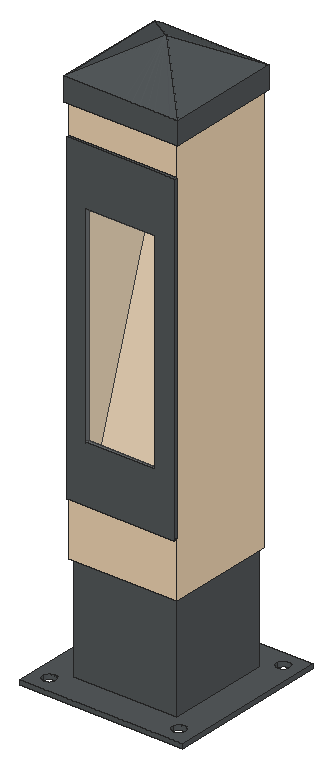
Revit family "Баум", category Осветительные приборы, Revit 2019
Family settings
  Размер круглого соединителя = Использовать диаметр
  Тип детали = Нормальный
  На основе рабочей плоскости = Нет
  Всегда вертикально = Да
  При загрузке вырезать с полостями = Нет
  Источник света = Да
  Общий = Нет
  Точка расчета площади = Нет
Parameters (values of type "ДТУ961 Светодиодный светильник Баум ДТУ-96-AF-4Вт-0,6")
  built-in parameter 1150104 = 13.8 (stored number, unit not read)
  Цветоывая температура = size_lookup(Таблица выбора, "С", "", ADSK_Артикул, ADSK_Размер_Высота)  # "2700-5500"
  built-in parameter 1150134 = 3
  Файл фотометрической сетки = "DTU-96-AF Baum 4 W .ies"
  Угол наклона = 90.00°
  Тип продукции = size_lookup(Таблица выбора, "T", " ", ADSK_Артикул, ADSK_Размер_Высота)  # "LED-светильник"
  Тип ПРА = "-"
  Тип КСС = size_lookup(Таблица выбора, "KSS", " ", ADSK_Артикул, ADSK_Размер_Высота)  # "Специальная"
  Тип ИС = size_lookup(Таблица выбора, "IS", " ", ADSK_Артикул, ADSK_Размер_Высота)  # "LED-модуль"
  Температура эксплуатации = size_lookup(Таблица выбора, "T1", " ", ADSK_Артикул, ADSK_Размер_Высота)  # "-40 +50"
  Таблица выбора = "Таблица параметров светильников"
  Столб = Ясень
  Стекло = Стекло
  built-in parameter 1150137 = (empty or 0)
  built-in parameter 1150132 = 2
  built-in parameter 1150114 = 1 (stored number, unit not read)
  Dimming Lamp Color Temperature Shift = (empty or 0)
  built-in parameter 1150105 = 31.831 (stored number, unit not read)
  Color Filter = 16777215
  Lumens = 400 lm
  built-in parameter 1150109 = 1 (stored number, unit not read)
  built-in parameter 1150112 = 1 (stored number, unit not read)
  built-in parameter 1150110 = 1 (stored number, unit not read)
  built-in parameter 1150113 = 1 (stored number, unit not read)
  built-in parameter 1150115 = 1 (stored number, unit not read)
  built-in parameter 1114218 = 1 (stored number, unit not read)
  built-in parameter 1114217 = 1 (stored number, unit not read)
  Apparent Load = 0 VA
  built-in parameter 1150106 = 0.31831 (stored number, unit not read)
  Область использования = "Парки, скверы, общественные пространства, городская инфраструктура"  # constant formula
  built-in parameter 1150142 = "IESNA:LM-63-1995\r\n[TEST]\t\talf\r\n[MANUFAC]\tAlfresco\r\n[LUMCAT]\tDTU-96-AF Baum\r\n[LUMINAIRE]\tDTU-96-AF Baum 4 W\r\n[LAMP]\t\tLED\r\n[DATE]\t\tLDT Editor version 1.2.5.0 - DIAL GmbH (www.dial.de) on 13-05-2022\r\n[OTHER]\t\tEULUMDAT file: E:\\Revit\\1-я партия\\Ies\\Баум\\DTU-96-AF Baum 4 W .ldt\r\nTILT=NONE\r\n1 400.0 0.400 181 144 1 2 0.20 0.23 0.00\r\n1.0 1 4.0\r\n0.0 1.0 2.0 3.0 4.0 5.0 6.0 7.0 8.0 9.0 10.0 11.0 12.0 13.0 14.0 15.0 16.0 17.0 18.0 19.0 20.0 21.0 22.0 23.0 24.0 25.0 26.0 27.0\r\n 28.0 29.0 30.0 31.0 32.0 33.0 34.0 35.0 36.0 37.0 38.0 39.0 40.0 41.0 42.0 43.0 44.0 45.0 46.0 47.0 48.0 49.0 50.0 51.0 52.0 53.0\r\n 54.0 55.0 56.0 57.0 58.0 59.0 60.0 61.0 62.0 63.0 64.0 65.0 66.0 67.0 68.0 69.0 70.0 71.0 72.0 73.0 74.0 75.0 76.0 77.0 78.0 79.0\r\n 80.0 81.0 82.0 83.0 84.0 85.0 86.0 87.0 88.0 89.0 90.0 91.0 92.0 93.0 94.0 95.0 96.0 97.0 98.0 99.0 100.0 101.0 102.0 103.0 104.0\r\n 105.0 106.0 107.0 108.0 109.0 110.0 111.0 112.0 113.0 114.0 115.0 116.0 117.0 118.0 119.0 120.0 121.0 122.0 123.0 124.0 125.0\r\n 126.0 127.0 128.0 129.0 130.0 131.0 132.0 133.0 134.0 135.0 136.0 137.0 138.0 139.0 140.0 141.0 142.0 143.0 144.0 145.0 146.0\r\n 147.0 148.0 149.0 150.0 151.0 152.0 153.0 154.0 155.0 156.0 157.0 158.0 159.0 160.0 161.0 162.0 163.0 164.0 165.0 166.0 167.0\r\n 168.0 169.0 170.0 171.0 172.0 173.0 174.0 175.0 176.0 177.0 178.0 179.0 180.0\r\n0.0 2.5 5.0 7.5 10.0 12.5 15.0 17.5 20.0 22.5 25.0 27.5 30.0 32.5 35.0 37.5 40.0 42.5 45.0 47.5 50.0 52.5 55.0 57.5 60.0 62.5 65.0\r\n 67.5 70.0 72.5 75.0 77.5 80.0 82.5 85.0 87.5 90.0 92.5 95.0 97.5 100.0 102.5 105.0 107.5 110.0 112.5 115.0 117.5 120.0 122.5\r\n 125.0 127.5 130.0 132.5 135.0 137.5 140.0 142.5 145.0 147.5 150.0 152.5 155.0 157.5 160.0 162.5 165.0 167.5 170.0 172.5 175.0\r\n 177.5 180.0 182.5 185.0 187.5 190.0 192.5 195.0 197.5 200.0 202.5 205.0 207.5 210.0 212.5 215.0 217.5 220.0 222.5 225.0 227.5\r\n 230.0 232.5 235.0 237.5 240.0 242.5 245.0 247.5 250.0 252.5 255.0 257.5 260.0 262.5 265.0 267.5 270.0 272.5 275.0 277.5 280.0\r\n 282.5 285.0 287.5 290.0 292.5 295.0 297.5 300.0 302.5 305.0 307.5 310.0 312.5 315.0 317.5 320.0 322.5 325.0 327.5 330.0 332.5\r\n 335.0 337.5 340.0 342.5 345.0 347.5 350.0 352.5 355.0 357.5 360.0\r\n0.0 0.0 0.6 0.4 0.6 0.4 0.4 0.4 0.6 0.7 0.6 1.1 77.4 214.9 313.3 393.1 474.8 586.5 677.7 827.7 954.3 978.1 983.5 986.0 987.5 989.0\r\n 991.5 992.3 993.4 990.1 989.3 993.0 987.0 987.5 987.3 980.7 984.0 984.0 983.7 980.3 981.1 980.9 974.7 966.0 961.3 951.7 940.3\r\n 937.0 932.1 932.3 925.1 911.5 879.2 838.3 782.3 731.3 688.4 657.9 632.2 603.0 567.4 549.3 530.7 497.9 469.1 454.6 434.2 402.5\r\n 366.9 346.5 325.6 308.3 268.5 244.4 206.4 182.8 163.9 131.8 100.8 62.0 28.3 4.0 0.7 0.6 0.6 0.6 0.6 0.6 0.6 0.6 0.6 0.6 0.6 0.6\r\n 0.6 0.6 0.6 0.6 0.6 0.6 0.6 0.6 0.6 0.6 0.6 0.6 0.6 0.6 0.6 0.6 0.6 0.6 0.6 0.6 0.7 0.6 0.6 0.6 0.6 0.6 0.6 0.6 0.6 0.6 0.6 0.6\r\n 0.6 0.6 0.6 0.6 0.6 0.6 0.7 0.6 0.6 0.6 0.6 0.6 0.6 0.6 0.6 0.6 0.6 0.7 0.6 0.7 0.6 0.6 0.7 0.7 0.6 0.6 0.6 0.6 0.7 0.7 0.7 0.6\r\n 0.7 0.6 0.7 0.6 0.6 0.6 0.6 0.6 0.6 0.6 0.6 0.6 0.6 0.4 0.2 0.2 0.2 0.2 0.2 0.2 0.0 0.0 0.0\r\n0.0 0.0 0.6 0.4 0.6 0.4 0.4 0.4 0.6 0.7 0.6 0.9 75.2 216.0 314.4 395.3 478.6 597.2 694.8 837.4 948.8 977.2 974.8 973.7 979.6 982.5\r\n 985.7 985.1 989.9 990.6 992.5 986.8 988.8 989.3 984.8 988.2 988.2 980.3 976.3 973.2 967.1 963.5 961.6 955.6 947.7 948.0 956.7\r\n 955.6 946.2 932.3 922.7 901.8 871.7 829.7 774.6 723.2 684.0 653.9 627.8 597.2 571.7 555.9 532.9 494.0 458.4 440.1 424.7 396.6\r\n 368.3 349.4 337.9 308.7 278.0 245.9 203.3 171.2 160.6 129.2 94.9 57.4 20.5 2.6 0.6 0.4 0.6 0.6 0.4 0.6 0.6 0.6 0.6 0.6 0.6 0.6\r\n 0.6 0.6 0.6 0.6 0.6 0.6 0.6 0.6 0.6 0.6 0.6 0.6 0.6 0.6 0.6 0.6 0.6 0.6 0.6 0.6 0.6 0.6 0.6 0.6 0.6 0.6 0.6 0.6 0.6 0.6 0.6 0.6\r\n 0.6 0.6 0.6 0.6 0.6 0.6 0.6 0.6 0.6 0.6 0.6 0.6 0.6 0.6 0.6 0.6 0.6 0.6 0.6 0.6 0.6 0.6 0.6 0.6 0.6 0.6 0.6 0.6 0.6 0.6 0.6 0.6\r\n 0.6 0.6 0.6 0.6 0.6 0.6 0.6 0.6 0.6 0.6 0.6 0.6 0.6 0.4 0.2 0.2 0.2 0.2 0.2 0.2 0.0 0.0 0.0\r\n0.0 0.0 0.6 0.4 0.6 0.4 0.4 0.4 0.6 0.7 0.6 0.9 68.1 214.0 314.4 390.9 470.5 580.7 682.5 820.5 950.4 973.2 967.9 972.6 976.3 978.9\r\n 981.3 987.9 986.8 986.8 989.3 985.5 990.3 988.6 984.9 984.2 983.1 981.8 975.8 969.7 964.6 958.7 952.5 953.9 957.0 947.5 934.5\r\n 926.0 916.8 912.1 901.4 889.9 869.1 834.3 783.1 723.8 683.8 649.8 622.3 591.1 559.2 544.5 524.7 485.4 459.2 443.0 427.4 408.0\r\n 375.1 355.1 333.1 306.5 265.4 235.4 198.6 179.5 160.9 133.6 99.7 61.7 25.1 3.7 0.6 0.6 0.6 0.6 0.6 0.6 0.6 0.6 0.6 0.6 0.6 0.6\r\n 0.6 0.6 0.6 0.6 0.6 0.6 0.6 0.6 0.6 0.6 0.6 0.6 0.6 0.6 0.6 0.6 0.6 0.6 0.6 0.6 0.6 0.6 0.6 0.6 0.6 0.6 0.6 0.6 0.6 0.6 0.6 0.6\r\n 0.6 0.6 0.6 0.6 0.6 0.6 0.6 0.4 0.6 0.4 0.6 0.6 0.6 0.6 0.6 0.6 0.6 0.6 0.6 0.6 0.6 0.6 0.6 0.6 0.6 0.6 0.6 0.6 0.6 0.6 0.6 0.6\r\n 0.6 0.6 0.6 0.6 0.6 0.6 0.6 0.6 0.6 0.6 0.6 0.6 0.6 0.4 0.2 0.2 0.2 0.2 0.2 0.2 0.0 0.0 0.0\r\n0.0 0.0 0.6 0.4 0.6 0.4 0.4 0.4 0.6 0.7 0.6 0.7 57.8 206.3 309.6 383.4 455.9 552.2 650.4 780.3 950.4 975.9 973.0 972.5 973.7 984.6\r\n 984.0 987.9 984.9 989.3 991.7 989.5 987.1 975.4 979.4 972.3 964.4 964.9 966.8 967.9 968.8 965.5 962.2 952.6 944.8 931.5 923.7\r\n 920.3 918.7 913.7 899.8 889.5 871.3 821.4 765.6 719.0 671.3 638.1 617.3 587.6 556.2 536.6 517.0 485.4 456.2 443.2 422.3 395.1\r\n 362.6 340.6 330.9 302.1 267.6 238.0 204.6 173.2 160.0 131.8 96.2 55.1 18.0 3.3 0.6 0.4 0.4 0.4 0.4 0.4 0.4 0.4 0.4 0.4 0.4 0.4\r\n 0.4 0.4 0.4 0.4 0.4 0.4 0.4 0.4 0.4 0.4 0.4 0.4 0.4 0.4 0.4 0.4 0.4 0.4 0.4 0.4 0.4 0.4 0.4 0.4 0.4 0.6 0.4 0.4 0.4 0.6 0.6 0.4\r\n 0.4 0.4 0.4 0.4 0.4 0.4 0.4 0.4 0.4 0.6 0.6 0.6 0.6 0.6 0.6 0.6 0.6 0.6 0.6 0.6 0.6 0.6 0.6 0.6 0.6 0.6 0.6 0.6 0.6 0.6 0.6 0.6\r\n 0.6 0.6 0.6 0.6 0.6 0.6 0.6 0.6 0.6 0.6 0.6 0.6 0.6 0.4 0.2 0.2 0.2 0.2 0.2 0.2 0.0 0.0 0.0\r\n0.0 0.0 0.6 0.4 0.6 0.4 0.4 0.4 0.6 0.7 0.6 0.7 45.5 195.3 300.2 378.6 447.2 534.8 631.7 756.3 934.8 975.2 983.8 978.1 980.9 978.0\r\n 979.1 980.5 975.8 983.5 980.9 980.9 979.4 985.1 978.5 976.3 971.7 971.7 965.9 955.8 951.4 942.5 934.3 926.2 920.0 918.3 917.8\r\n 914.5 907.1 904.4 903.8 893.2 866.2 836.3 787.1 728.6 684.7 652.6 628.7 591.5 561.2 547.6 528.0 500.6 462.8 436.8 426.3 401.5\r\n 367.4 343.7 327.2 306.3 273.1 241.1 207.2 180.9 158.0 132.3 96.2 65.3 26.1 4.6 0.6 0.4 0.4 0.4 0.4 0.4 0.4 0.4 0.4 0.4 0.4 0.4\r\n 0.4 0.4 0.4 0.4 0.4 0.4 0.4 0.4 0.4 0.4 0.4 0.4 0.4 0.4 0.4 0.4 0.4 0.4 0.4 0.4 0.4 0.4 0.4 0.4 0.4 0.4 0.4 0.4 0.4 0.4 0.4 0.4\r\n 0.4 0.4 0.4 0.4 0.4 0.4 0.4 0.4 0.4 0.4 0.4 0.4 0.4 0.6 0.6 0.6 0.6 0.6 0.6 0.4 0.6 0.6 0.6 0.6 0.6 0.6 0.6 0.4 0.6 0.6 0.6 0.6\r\n 0.6 0.6 0.6 0.6 0.6 0.6 0.6 0.6 0.6 0.6 0.6 0.6 0.6 0.4 0.2 0.2 0.2 0.2 0.2 0.2 0.0 0.0 0.0\r\n0.0 0.0 0.6 0.4 0.6 0.4 0.4 0.4 0.6 0.6 0.6 0.7 31.4 180.4 289.8 373.1 446.9 530.0 626.7 732.6 914.3 975.6 984.6 990.3 984.4 983.5\r\n 981.6 980.5 985.8 981.3 977.6 979.1 974.5 977.8 978.0 975.2 972.3 960.9 957.4 951.0 941.1 940.5 943.3 942.7 936.7 932.6 928.6\r\n 914.7 903.3 897.6 891.2 884.7 865.1 837.9 790.6 739.6 683.4 643.4 618.5 595.0 561.6 539.7 518.3 483.6 449.6 435.9 419.0 397.5\r\n 365.4 338.6 320.6 299.7 266.3 241.3 208.1 177.3 155.8 127.6 96.7 56.7 20.5 2.8 0.4 0.4 0.4 0.4 0.4 0.4 0.4 0.4 0.4 0.4 0.4 0.4\r\n 0.4 0.4 0.4 0.4 0.4 0.4 0.4 0.4 0.4 0.4 0.4 0.4 0.4 0.4 0.4 0.4 0.4 0.4 0.4 0.4 0.4 0.4 0.4 0.4 0.4 0.4 0.4 0.4 0.4 0.4 0.4 0.4\r\n 0.4 0.4 0.4 0.4 0.4 0.4 0.4 0.4 0.4 0.4 0.4 0.4 0.4 0.4 0.4 0.4 0.6 0.4 0.4 0.4 0.4 0.6 0.4 0.6 0.6 0.4 0.6 0.6 0.6 0.6 0.6 0.6\r\n 0.6 0.6 0.6 0.6 0.6 0.6 0.6 0.6 0.6 0.6 0.6 0.6 0.6 0.4 0.2 0.2 0.2 0.2 0.2 0.2 0.0 0.0 0.0\r\n0.0 0.0 0.6 0.4 0.6 0.4 0.4 0.4 0.6 0.6 0.6 0.6 18.9 159.7 278.4 360.2 441.0 523.6 626.5 715.7 884.2 970.1 976.7 983.3 987.0 981.1\r\n 983.3 985.3 975.0 974.8 974.7 973.0 973.5 969.0 966.8 966.6 965.7 967.5 964.8 959.8 958.0 956.7 953.4 940.0 934.7 928.8 916.5\r\n 905.8 902.4 899.0 888.2 882.9 876.1 846.2 800.0 746.4 690.0 656.4 629.6 602.7 568.5 541.0 521.9 506.3 468.5 443.2 425.4 405.6\r\n 369.4 341.9 326.5 305.5 278.0 240.9 209.4 173.6 155.6 138.2 104.6 69.9 31.8 7.2 0.6 0.4 0.4 0.4 0.4 0.4 0.4 0.4 0.4 0.4 0.4 0.4\r\n 0.4 0.4 0.4 0.4 0.4 0.4 0.4 0.4 0.4 0.4 0.4 0.4 0.4 0.4 0.4 0.4 0.4 0.4 0.4 0.4 0.4 0.4 0.4 0.4 0.4 0.4 0.4 0.4 0.4 0.4 0.4 0.4\r\n 0.4 0.4 0.4 0.4 0.4 0.4 0.4 0.4 0.4 0.4 0.4 0.4 0.4 0.4 0.4 0.4 0.4 0.4 0.4 0.4 0.4 0.4 0.4 0.4 0.4 0.6 0.4 0.6 0.6 0.4 0.6 0.4\r\n 0.6 0.4 0.6 0.6 0.6 0.6 0.6 0.6 0.6 0.6 0.6 0.6 0.6 0.4 0.2 0.2 0.2 0.2 0.2 0.2 0.0 0.0 0.0\r\n0.0 0.0 0.6 0.4 0.6 0.4 0.4 0.4 0.6 0.6 0.6 0.6 10.3 135.8 261.9 339.9 417.9 501.6 608.5 697.7 837.4 948.4 964.9 968.1 971.5 971.4\r\n 975.0 973.5 974.3 975.2 978.7 978.9 972.1 971.7 971.0 970.1 962.5 958.9 957.0 961.3 953.9 945.8 936.7 934.7 936.9 926.6 910.3\r\n 911.5 909.9 890.8 884.0 878.1 863.5 841.8 798.3 742.9 694.6 647.1 618.1 594.6 555.5 530.5 513.7 492.4 459.2 430.5 412.2 395.7\r\n 363.4 339.1 325.0 308.7 272.5 240.6 207.0 170.5 153.8 131.8 97.6 59.5 26.8 5.3 0.6 0.4 0.4 0.4 0.4 0.4 0.4 0.4 0.4 0.4 0.4 0.4\r\n 0.4 0.4 0.4 0.4 0.4 0.4 0.4 0.4 0.4 0.4 0.4 0.4 0.4 0.4 0.4 0.4 0.4 0.4 0.4 0.4 0.4 0.4 0.4 0.4 0.4 0.4 0.4 0.4 0.4 0.4 0.4 0.4\r\n 0.4 0.4 0.4 0.4 0.4 0.4 0.4 0.4 0.4 0.4 0.4 0.4 0.4 0.4 0.4 0.4 0.4 0.4 0.4 0.4 0.4 0.4 0.4 0.4 0.4 0.4 0.4 0.4 0.4 0.4 0.4 0.4\r\n 0.4 0.4 0.4 0.4 0.6 0.6 0.6 0.6 0.6 0.6 0.6 0.4 0.6 0.4 0.2 0.2 0.2 0.2 0.2 0.2 0.0 0.0 0.0\r\n0.0 0.0 0.6 0.4 0.6 0.4 0.4 0.4 0.4 0.6 0.6 0.6 5.5 106.1 240.8 322.6 392.5 466.5 568.2 663.4 782.3 911.0 951.2 957.2 958.0 966.2\r\n 970.4 967.7 972.8 972.8 968.8 969.2 971.9 965.5 963.7 960.5 961.3 957.2 953.7 949.2 937.6 939.8 937.2 927.5 917.8 918.9 919.2\r\n 909.0 901.1 897.4 889.5 869.5 855.4 839.8 811.7 771.7 716.5 661.8 622.8 595.3 567.4 541.0 517.9 495.9 465.4 433.3 414.0 405.0\r\n 381.0 343.9 321.3 302.6 276.4 241.5 212.9 178.4 156.4 135.3 109.4 77.6 38.0 8.4 1.1 0.4 0.4 0.4 0.4 0.4 0.4 0.4 0.4 0.4 0.4 0.4\r\n 0.4 0.4 0.4 0.4 0.4 0.4 0.4 0.4 0.4 0.4 0.4 0.4 0.4 0.4 0.4 0.4 0.4 0.4 0.4 0.4 0.4 0.4 0.4 0.4 0.4 0.4 0.4 0.4 0.4 0.4 0.4 0.4\r\n 0.4 0.4 0.4 0.4 0.4 0.4 0.4 0.4 0.4 0.4 0.4 0.4 0.4 0.4 0.4 0.4 0.4 0.4 0.4 0.4 0.4 0.4 0.4 0.4 0.4 0.4 0.4 0.4 0.4 0.4 0.4 0.4\r\n 0.4 0.4 0.4 0.4 0.6 0.6 0.6 0.6 0.6 0.6 0.6 0.4 0.4 0.4 0.2 0.2 0.2 0.2 0.2 0.2 0.0 0.0 0.0\r\n0.0 0.0 0.6 0.4 0.6 0.4 0.4 0.4 0.4 0.6 0.6 0.6 2.9 72.7 214.5 307.8 376.0 439.5 527.6 630.9 739.4 880.7 949.0 948.0 953.2 960.2\r\n 959.8 960.9 960.5 961.6 959.4 957.4 958.0 958.3 957.8 958.2 957.6 953.6 952.1 946.2 948.0 941.3 938.7 934.5 927.0 917.8 908.8\r\n 900.9 895.9 886.4 878.5 869.3 860.5 847.5 821.6 775.5 722.9 670.0 628.2 595.3 571.5 537.5 514.6 499.7 474.9 439.2 410.5 395.5\r\n 378.0 343.0 317.5 300.2 270.1 238.4 207.6 177.3 151.6 134.9 109.6 72.3 39.1 5.7 0.6 0.4 0.4 0.4 0.4 0.4 0.4 0.4 0.4 0.4 0.4 0.4\r\n 0.4 0.4 0.4 0.4 0.4 0.4 0.4 0.4 0.4 0.4 0.4 0.4 0.4 0.4 0.4 0.4 0.4 0.4 0.4 0.4 0.4 0.4 0.4 0.4 0.4 0.4 0.4 0.4 0.4 0.4 0.4 0.4\r\n 0.4 0.4 0.4 0.4 0.4 0.4 0.4 0.4 0.4 0.4 0.4 0.4 0.4 0.4 0.4 0.4 0.4 0.4 0.4 0.4 0.4 0.4 0.4 0.4 0.4 0.4 0.4 0.4 0.4 0.4 0.4 0.4\r\n 0.4 0.4 0.4 0.4 0.4 0.4 0.4 0.6 0.6 0.6 0.6 0.4 0.4 0.4 0.2 0.2 0.2 0.2 0.2 0.2 0.0 0.0 0.0\r\n0.0 0.0 0.6 0.4 0.4 0.4 0.2 0.2 0.4 0.6 0.6 0.6 1.5 44.8 180.0 285.4 362.5 425.2 497.3 599.0 696.3 824.9 938.9 953.7 955.0 958.0\r\n 958.0 961.6 962.0 958.2 964.9 959.4 959.3 955.0 955.0 953.0 954.8 952.8 947.5 940.9 936.1 933.4 926.8 921.6 914.3 911.7 905.7\r\n 895.2 883.1 875.0 871.9 861.4 849.5 840.9 826.0 794.3 748.6 686.3 635.3 599.2 571.7 544.5 513.1 490.9 474.4 446.9 415.3 394.0\r\n 377.5 346.3 315.6 299.9 280.0 249.4 221.9 195.3 163.3 140.9 110.5 77.3 40.2 12.3 1.8 0.4 0.4 0.4 0.4 0.4 0.4 0.4 0.4 0.4 0.4 0.4\r\n 0.4 0.4 0.4 0.4 0.4 0.4 0.4 0.4 0.4 0.4 0.4 0.4 0.4 0.4 0.4 0.4 0.4 0.4 0.4 0.4 0.4 0.4 0.4 0.4 0.4 0.4 0.4 0.4 0.4 0.4 0.4 0.4\r\n 0.4 0.4 0.4 0.4 0.4 0.4 0.4 0.4 0.4 0.4 0.4 0.4 0.4 0.4 0.4 0.4 0.4 0.4 0.4 0.4 0.4 0.4 0.4 0.4 0.4 0.4 0.4 0.4 0.4 0.4 0.4 0.4\r\n 0.4 0.4 0.4 0.4 0.4 0.4 0.4 0.6 0.6 0.6 0.6 0.4 0.4 0.4 0.2 0.2 0.2 0.2 0.2 0.2 0.0 0.0 0.0\r\n0.0 0.0 0.6 0.4 0.4 0.2 0.2 0.2 0.4 0.6 0.6 0.6 0.7 23.5 138.7 255.6 338.6 407.2 472.6 563.8 659.0 781.6 902.4 954.7 956.5 953.0\r\n 955.9 955.9 954.3 952.1 952.3 950.8 947.0 948.6 942.5 940.0 935.9 934.5 932.3 931.3 926.2 922.7 915.0 915.4 905.7 895.9 891.3\r\n 880.3 880.0 869.9 858.3 842.9 835.4 822.9 810.4 783.6 751.5 708.7 659.7 612.2 575.2 545.4 509.3 482.5 470.2 444.7 410.2 385.9\r\n 367.4 343.4 315.6 291.8 273.4 248.1 210.9 183.3 150.1 135.1 111.9 84.2 47.3 17.6 1.1 0.4 0.4 0.4 0.4 0.4 0.4 0.4 0.4 0.4 0.4 0.4\r\n 0.4 0.4 0.4 0.4 0.4 0.4 0.4 0.4 0.4 0.4 0.4 0.4 0.4 0.4 0.4 0.4 0.4 0.4 0.4 0.4 0.4 0.4 0.4 0.4 0.4 0.4 0.4 0.4 0.4 0.4 0.4 0.4\r\n 0.4 0.4 0.4 0.4 0.4 0.4 0.4 0.4 0.4 0.4 0.4 0.4 0.4 0.4 0.4 0.4 0.4 0.4 0.4 0.4 0.4 0.4 0.4 0.4 0.4 0.4 0.4 0.4 0.4 0.4 0.4 0.4\r\n 0.4 0.4 0.4 0.4 0.4 0.4 0.4 0.6 0.6 0.6 0.6 0.4 0.4 0.4 0.2 0.2 0.2 0.2 0.2 0.2 0.0 0.0 0.0\r\n0.0 0.0 0.6 0.4 0.4 0.2 0.2 0.2 0.4 0.6 0.6 0.6 0.6 9.5 94.5 221.7 306.3 378.8 447.2 523.6 615.3 717.0 855.0 940.5 954.3 950.8\r\n 949.5 950.4 952.8 947.1 941.5 942.7 942.4 942.5 939.1 933.7 922.7 926.4 920.5 921.1 918.7 908.4 896.7 890.1 888.8 888.8 875.0\r\n 871.2 869.7 858.1 848.8 843.8 828.8 816.3 806.9 787.3 758.1 717.5 665.6 618.3 581.6 550.6 521.7 493.3 465.4 441.9 408.9 381.4\r\n 364.8 348.3 317.9 290.0 274.7 254.9 223.3 190.9 157.3 134.0 115.6 85.3 53.0 19.5 2.8 0.4 0.4 0.4 0.4 0.4 0.4 0.4 0.4 0.4 0.4 0.4\r\n 0.4 0.4 0.4 0.4 0.4 0.4 0.4 0.4 0.4 0.4 0.4 0.4 0.4 0.4 0.4 0.4 0.4 0.4 0.4 0.4 0.4 0.4 0.4 0.4 0.4 0.4 0.4 0.4 0.4 0.4 0.4 0.4\r\n 0.4 0.4 0.4 0.4 0.4 0.4 0.4 0.4 0.4 0.4 0.4 0.4 0.4 0.4 0.4 0.4 0.4 0.4 0.4 0.4 0.4 0.4 0.4 0.4 0.4 0.4 0.4 0.4 0.4 0.4 0.4 0.4\r\n 0.4 0.4 0.4 0.4 0.4 0.4 0.4 0.4 0.6 0.6 0.6 0.4 0.4 0.4 0.2 0.2 0.2 0.2 0.2 0.2 0.0 0.0 0.0\r\n0.0 0.0 0.6 0.4 0.4 0.2 0.2 0.2 0.4 0.6 0.6 0.6 0.4 3.7 53.6 176.9 273.1 348.9 414.8 481.2 562.1 653.5 779.6 892.8 946.2 944.4\r\n 944.2 937.4 936.1 940.7 938.9 932.6 930.6 929.3 927.0 923.7 923.5 912.5 912.3 905.3 902.2 899.6 897.4 892.5 882.5 875.2 871.7\r\n 863.8 851.2 844.4 830.6 826.6 821.2 814.8 803.3 787.5 763.4 729.3 686.3 633.0 595.5 560.8 530.2 489.8 469.6 446.3 424.5 393.5\r\n 370.5 352.9 325.6 295.1 270.1 245.2 221.5 188.1 160.8 131.2 111.9 92.9 61.1 27.7 4.8 0.4 0.4 0.4 0.4 0.4 0.4 0.4 0.4 0.4 0.4 0.4\r\n 0.4 0.4 0.4 0.4 0.4 0.4 0.4 0.4 0.4 0.4 0.4 0.4 0.4 0.4 0.4 0.4 0.4 0.4 0.4 0.4 0.4 0.4 0.4 0.4 0.4 0.4 0.4 0.4 0.4 0.4 0.4 0.4\r\n 0.4 0.4 0.4 0.4 0.4 0.4 0.4 0.4 0.4 0.4 0.4 0.4 0.4 0.4 0.4 0.4 0.4 0.4 0.4 0.4 0.4 0.4 0.4 0.4 0.4 0.4 0.4 0.4 0.4 0.4 0.4 0.4\r\n 0.4 0.4 0.4 0.4 0.4 0.4 0.4 0.4 0.4 0.6 0.6 0.4 0.4 0.4 0.2 0.2 0.2 0.2 0.2 0.2 0.0 0.0 0.0\r\n0.0 0.0 0.6 0.4 0.4 0.2 0.2 0.2 0.4 0.6 0.6 0.4 0.4 1.5 22.4 125.5 234.5 314.7 380.8 442.3 515.5 593.9 692.6 818.1 917.4 938.5\r\n 943.1 937.6 934.5 930.6 933.7 927.5 923.5 920.0 919.2 920.0 912.5 908.8 897.4 894.5 885.5 880.0 880.2 874.8 869.5 862.2 854.5\r\n 853.9 844.7 830.0 823.3 806.2 795.5 783.4 770.8 764.9 752.4 732.2 693.0 645.8 594.8 546.7 526.0 500.1 464.7 437.0 419.3 387.4\r\n 356.8 338.2 320.8 294.2 268.1 247.2 227.2 192.3 167.9 134.3 116.3 90.7 65.9 29.5 6.6 0.6 0.4 0.4 0.4 0.4 0.4 0.4 0.4 0.4 0.4 0.4\r\n 0.4 0.4 0.4 0.4 0.4 0.4 0.4 0.4 0.4 0.4 0.4 0.4 0.4 0.4 0.4 0.4 0.4 0.4 0.4 0.4 0.4 0.4 0.4 0.4 0.4 0.4 0.4 0.4 0.4 0.4 0.4 0.4\r\n 0.4 0.4 0.4 0.4 0.4 0.4 0.4 0.4 0.4 0.4 0.4 0.4 0.4 0.4 0.4 0.4 0.4 0.4 0.4 0.4 0.4 0.4 0.4 0.4 0.4 0.4 0.4 0.4 0.4 0.4 0.4 0.4\r\n 0.4 0.4 0.4 0.4 0.4 0.4 0.4 0.4 0.4 0.6 0.6 0.4 0.4 0.4 0.2 0.2 0.2 0.2 0.2 0.2 0.0 0.0 0.0\r\n0.0 0.0 0.6 0.4 0.4 0.2 0.2 0.2 0.4 0.6 0.6 0.4 0.4 0.6 6.4 76.9 182.1 274.7 343.0 408.3 468.3 538.4 620.7 723.6 841.1 919.2 926.4\r\n 932.1 927.3 928.8 921.6 920.0 918.0 910.4 904.6 900.3 900.0 888.8 889.9 884.9 876.7 874.8 864.5 856.3 857.9 852.6 844.7 824.4\r\n 821.2 819.0 803.6 796.7 788.4 782.7 772.4 755.4 745.1 727.5 702.3 666.3 614.4 563.2 520.8 495.3 463.9 439.9 416.0 395.5 363.4\r\n 335.3 316.2 292.9 266.5 246.6 224.4 195.8 164.4 137.6 115.4 98.2 73.8 41.3 8.1 1.3 0.4 0.4 0.4 0.4 0.4 0.4 0.4 0.4 0.4 0.4 0.4\r\n 0.4 0.4 0.4 0.4 0.4 0.4 0.4 0.4 0.4 0.4 0.4 0.4 0.4 0.4 0.4 0.4 0.4 0.4 0.4 0.4 0.4 0.4 0.4 0.4 0.4 0.4 0.4 0.4 0.4 0.4 0.4 0.4\r\n 0.4 0.4 0.4 0.4 0.4 0.4 0.4 0.4 0.4 0.4 0.4 0.4 0.4 0.4 0.4
